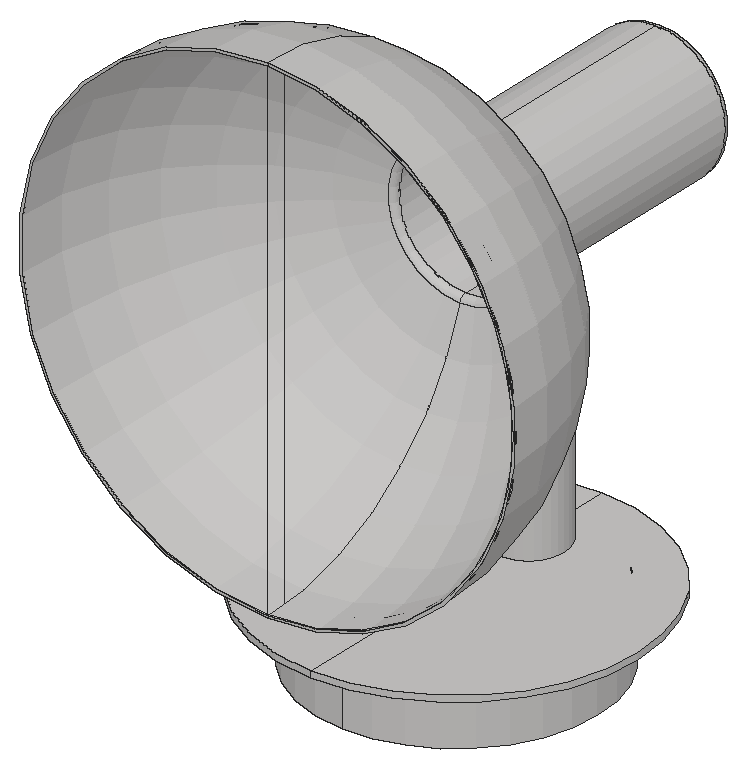
Revit family "Lighting_Outside_Nordlux_Arki", category Lighting Fixtures, host Face, Revit 2017
Family settings
  Host = Face
  Round Connector Dimension = Use Diameter
  Part Type = Normal
  OmniClass Number = 23.80.70.00
  OmniClass Title = Lighting
  Cut with Voids When Loaded = No
  Light Source = Yes
  Shared = No
  Room Calculation Point = No
Parameters (values of type "Arki - brushed steel")
  Wattage = 3.17082 W
  WarrantyStartDate [instance] = "n/a"
  WarrantyGuarantorParts = "n/a"
  WarrantyGuarantorLabor = "n/a"
  WarrantyDurationUnit = "Hours"
  WarrantyDurationParts = "n/a"
  WarrantyDurationLabor = "n/a"
  WarrantyDescription = "n/a"
  built-in parameter 1150110 = 1 (stored number, unit not read)
  VersionDate = "30/08/2019"  # constant formula
  Version = "1"  # constant formula
  UsageCurrent = 0 A
  Uniclass2015Reference = "Pr_70_70_48_85"
  Uniclass2015Description = "Surface luminaires"
  Uniclass2 = "Pr_70_70_48_85"
  URL = "https://www.nordlux.com/products/product/75181031"
  Type Comments = ""
  TotalWattage = 20 W
  built-in parameter 1114217 = 1 (stored number, unit not read)
  Tilt Angle = 90.00°
  built-in parameter 1150109 = 1 (stored number, unit not read)
  built-in parameter 1150134 = (empty or 0)
  TagNumber [instance] = "n/a"
  SustainabilityPerformance = "n/a"
  built-in parameter 1150113 = 1 (stored number, unit not read)
  Socket = "E27"
  Size = "200x260x200mm"
  Shape = "Sculptured"
  SerialNumber [instance] = "n/a"
  Revision = "n/a"
  ReplacementCost = "n/a"
  ProductInformation = "ARKI OUTDOOR is inspired by the shade of a classical architect light. It expresses simplicity and timelessness, and is therefore complementary to many different styles. Design by Bønnelycke MDD."
  Product data url = "https://www.bimobject.com/nordlux/product/arki_outdoor"
  Photometric Web File = "7518 Arki Outdoor Væg Sort.ies"
  PhaseReference = "n/a"
  PhaseAngle = 0.00°
  NumberOfSources = 0
  NumberOfPoles = 1
  built-in parameter 1150142 = "IESNA:LM-63-2002\r\n[TEST] Viso LabSpion - serial: 3247052577 sensor serial: 0408532695\r\n[TESTLAB] Viso LabSpion - serial: 3247052577 sensor serial: 0408532695 - Test lab\r\n[MANUFAC] Nordlux\r\n[ISSUEDATE] 31-05-2019\r\n[LUMINAIRE] 7518 Arki Outdoor Væg Sort\r\n[LUMCAT] B2019134\r\n[_SERIALNUMBER] VFR-190531-0334-MS\r\nTILT=NONE\r\n1 471 1 37 5 1 2 -0.2 -0.2 0.2\r\n1.0 1.0 8.30\r\n0 5 10 15 20 25 30 35 40 45 50 55 60 65 70 75 80 85 90 95 100 105 110 115 120 125 130 135 140 145 150 155 160 165 170 175 180\r\n0 90 180 270 360 \r\n134.9837 133.6482 135.0603 137.1012 138.6096 138.8996 136.3551 130.7187 122.951 113.6832 103.1874 91.6304 78.7372 65.0492 51.0247 36.3481 21.0179 8.1042 1.4494 0.3618 0.3338 0.3646 0.4373 0.4467 0.3942 0.4322 0.4174 0.4057 0.4002 0.4356\r\n 0.4099 0.3793 0.4638 0.37 0.4752 0.3874 0.3751\r\n134.9837 136.6251 138.4575 141.0294 142.7619 142.2744 138.7239 132.0254 122.1569 109.5413 94.7763 79.8837 66.5933 54.3385 42.7552 31.1897 20.1297 10.8184 4.0393 1.0276 0.5171 0.4658 0.3984 0.3338 0.353 0.3824 0.3812 0.3293 0.3468 0.4328\r\n 0.4328 0.337 0.4158 0.5034 0.4701 0.3901 0.3751\r\n134.9837 133.6482 135.0603 137.1012 138.6096 138.8996 136.3551 130.7187 122.951 113.6832 103.1874 91.6304 78.7372 65.0492 51.0247 36.3481 21.0179 8.1042 1.4494 0.3618 0.3338 0.3646 0.4373 0.4467 0.3942 0.4322 0.4174 0.4057 0.4002 0.4356\r\n 0.4099 0.3793 0.4638 0.37 0.4752 0.3874 0.3751\r\n134.9837 136.6251 138.4575 141.0294 142.7619 142.2744 138.7239 132.0254 122.1569 109.5413 94.7763 79.8837 66.5933 54.3385 42.7552 31.1897 20.1297 10.8184 4.0393 1.0276 0.5171 0.4658 0.3984 0.3338 0.353 0.3824 0.3812 0.3293 0.3468 0.4328\r\n 0.4328 0.337 0.4158 0.5034 0.4701 0.3901 0.3751\r\n134.9837 133.6482 135.0603 137.1012 138.6096 138.8996 136.3551 130.7187 122.951 113.6832 103.1874 91.6304 78.7372 65.0492 51.0247 36.3481 21.0179 8.1042 1.4494 0.3618 0.3338 0.3646 0.4373 0.4467 0.3942 0.4322 0.4174 0.4057 0.4002 0.4356\r\n 0.4099 0.3793 0.4638 0.37 0.4752 0.3874 0.3751\r\n"
  NominalWidth = 203.8 mm
  NominalVoltageCalc = 0 V
  NominalVoltage = 230 V
  NominalRadius = NominalDiameter / 2  # 100 mm
  NominalLength = 202 mm
  NominalHeight = 261.6 mm
  NominalFrequencyRange = 50 Hz
  NominalDiameter = 200 mm
  NominalCurrent = 0 A
  Name = "Nordlux_Arki"
  NBSReference = "90-60-50/405"
  NBSDescription = "General purpose luminaires"
  ModelReference = ArticleNumber  # "75181031"
  ModelNumber = "n/a"
  Model = "Arki - brushed steel"
  Material = "Metal"
  ManufacturersSpecificInformation = "n/a"
  ManufacturerURL = "https://www.nordlux.com/"
  ManufacturerName = "Nordlux"
  Manufacturer = "Nordlux"
  MaintenanceFactor = 0
  built-in parameter 1150105 = 142.76 (stored number, unit not read)
  Lumens = 471 lm
  built-in parameter 1150115 = 1 (stored number, unit not read)
  LightSource = "Not included"
  LightFixturePlacingType = "Wall"
  LightFixtureMountingType = "Surface"
  LightFixtureMainMaterial = Brushed steel
  built-in parameter 1150137 = (empty or 0)
  built-in parameter 1150139 = (empty or 0)
  LensMaterial = Opal white
  built-in parameter 1150112 = 1 (stored number, unit not read)
  built-in parameter 1150114 = 1 (stored number, unit not read)
  InsulationStandardClass = "Class 1 (Earth contact)"
  InstallationDate [instance] = "n/a"
  built-in parameter 1150132 = 2
  built-in parameter 1150102 = (empty or 0)
  built-in parameter 1150107 = 3000 (stored number, unit not read)
  built-in parameter 1150138 = (empty or 0)
  built-in parameter 1150106 = 1.4276 (stored number, unit not read)
  IfcExportType = "NOTDEFINED"  # constant formula
  IfcExportAs = "IfcLightFixtureType"  # constant formula
  IP_Code = "IP54"
  HasProtectiveEarth = no
  Grade = "n/a"
  Finish = "Galvanized steel, plastic"
  Features = "Parallel connection possible"
  ExpectedLife = "n/a"
  EnergyClass = "A++ - B"
  Emit from Circle Diameter = 50 mm
  Emit Shape Visible in Rendering = no
  ElectricalDeviceNominalPower = 0
  built-in parameter 1150104 = 13.8 (stored number, unit not read)
  EANNumber = "5701581280274"
  DurationUnit = "Hours"
  Dimming Lamp Color Temperature Shift = <None>
  Designer = "Bonnelycke MDD"
  Description = "ARKI OUTDOOR is inspired by the shade of a classical architect light. It expresses simplicity and timelessness, and is therefore complementary to many different styles. Design by Bønnelycke MDD."
  Default Elevation = 0 mm
  ConvergoRefNr = "0143-1909-0042-DK"
  Constituents = "n/a"
  Color Filter = 16777215
  Color = "Grey"
  Collection = "Arki"
  CodePerformance = "n/a"
  Category = "Outdoor lighting"
  Brand = "Nordlux"
  Barcode [instance] = "n/a"
  built-in parameter 1114218 = 1 (stored number, unit not read)
  BIMObjectName = "Lighting_Outside_Nordlux_Arki"
  Author = "Convergo AB"  # constant formula
  built-in parameter 1150133 = 10 (stored number, unit not read)
  AssetType = "Fixed"
  AssetIdentifier [instance] = "n/a"
  ArticleNumber = "75181031"
  AccessibilityPerformance = "n/a"
Types (3, lengths in mm): name | URL | ModelReference | Model | LightFixtureMainMaterial | EANNumber | Color | ArticleNumber
  (no name) | "https://www.nordlux.com/products/product/75181031" | "75181031" | "Arki - brushed steel" | Brushed steel | "5701581280274" | "Grey" | "75181031"
  Arki - black | "https://www.nordlux.com/products/product/75181003" | "75181003" | "Arki - black" | Black | "5701581280175" | "Black" | "75181003"
  Arki - brushed steel | "https://www.nordlux.com/products/product/75181031" | "75181031" | "Arki - brushed steel" | Brushed steel | "5701581280274" | "Grey" | "75181031"
Reference planes
  plane 1 "Center (Front/Back)": y = 0
  plane 2: z = 0
  plane 3 "Center (Left/Right)": x = 0
  plane 4: y = 101
  plane 5: y = -101
  plane 6: z = 261.6
  plane 7: x = 101.9
  plane 8: x = -101.9
Dimensions and locks
  equal spacing: plane 8, plane 3 "Center (Left/Right)", plane 7
  equal spacing: plane 4, plane 1 "Center (Front/Back)", plane 5
  "NominalLength": plane 4 to plane 5
  "NominalWidth": plane 8 to plane 7
  "NominalHeight": plane 6 to level
  aligned and locked: plane 2 to host face
  aligned and locked: level to host face
Automatic sketch dimensions
  host sketch curve to host sketch curve = 2438.4 mm  (x2)
Nested families
  nested 1: "Arki" at (0, 0, 0), Main <- "LightFixtureMainMaterial", type "Arki"
    with Main Brushed steel
Definition of nested family "Arki"
  Parameters (values of type "Arki")
    Main [instance] = none
    Default Elevation = 1219.2 mm
  Reference planes
    plane 1 "Center (Front/Back)": y = 0
    plane 2: z = 0
    plane 3 "Center (Left/Right)": x = 0
    plane 4: z = 261.6
    plane 5: x = -101.875
    plane 6: y = 101
    plane 7: x = 101.875
    plane 8: y = -101
  Forms (mm)
    Extrusion 1, solid
      sketch origin (0, 0, 0) x (1, 0, 0) y (0, 1, 0)
        loop
          line (-1219.2, 1219.2) -> (-1219.2, -1219.2) -> (1219.2, -1219.2) -> (1219.2, 1219.2) -> (-1219.2, 1219.2)
      from 0 to -304.8
    Revolve 2, solid, material <- "Main", detail levels medium+fine
      sketch origin (0, -101, 130.8) x (0, 0, -1) y (0, 1, 0)
        loop
          line (130.8, 96.8) -> (130.8, 154.8) -> (106.562, 154.8)
          arc (106.562, 154.8) -> (105.204, 154.255) -> (104.6, 152.923) r 1.964
          line (104.6, 152.923) -> (104.6, 171.3) -> (102.1, 171.3) -> (102.1, 96.8) -> (130.8, 96.8)
        axis (130.8, 96.8) -> (102.1, 96.8)
      angle from 0 to 360
    Revolve 3, solid, material <- "Main", detail levels medium+fine
      sketch origin (0, -101, 130.8) x (0, 0, -1) y (0, 1, 0)
        loop
          line (102.1, 133.565) -> (102.1, 148.565) -> (-14.017, 148.565) -> (-14.017, 133.565) -> (102.1, 133.565)
        axis (102.1, 133.565) -> (-14.017, 133.565)
      angle from 0 to 360
    Revolve 4, solid, material <- "Main", detail levels medium+fine
      sketch origin (0, -101, 130.8) x (0, 0, -1) y (0, 1, 0)
        loop
          arc (-58.532, 99.588) -> (-111.311, 61.884) -> (-130.8, 0.018) r 102.282
          line (-130.8, 0.018) -> (-129.8, 0.018)
          arc (-129.8, 0.018) -> (-110.507, 61.29) -> (-58.238, 98.632) r 101.282
          arc (-58.238, 98.632) -> (-56.718, 99.708) -> (-56.135, 101.477) r 2.976
          line (-56.135, 101.477) -> (-56.135, 199.021)
          arc (-56.135, 199.021) -> (-55.556, 200.42) -> (-54.156, 201) r 1.979
          line (-54.156, 201) -> (-28.891, 201) -> (-28.891, 202) -> (-54.156, 202)
          arc (-54.156, 202) -> (-56.263, 201.127) -> (-57.135, 199.021) r 2.979
          line (-57.135, 199.021) -> (-57.135, 101.477)
          arc (-57.135, 101.477) -> (-57.522, 100.303) -> (-58.532, 99.588) r 1.976
        axis (-28.891, 202) -> (-28.891, 0.018)
      angle from 0 to 360
    Revolve 5, void
      sketch origin (0, -101, 130.8) x (0, 0, -1) y (0, 1, 0)
        loop
          line (-1.598, 155.181) -> (-28.891, 155.181) -> (-28.891, 107.824) -> (-1.598, 107.824) -> (-1.598, 155.181)
        axis (-28.891, 155.181) -> (-28.891, 107.824)
      angle from 0 to 360
    Revolve 6, solid, detail levels medium+fine
      sketch origin (0, -101, 130.8) x (0, 0, -1) y (0, 1, 0)
        loop
          arc (71.966, 0) -> (71.972, 4.502) -> (71.777, 9) r 100.432
          line (71.777, 9) -> (-28.917, 9) -> (-28.917, 0) -> (71.966, 0)
        axis (-28.917, 9) -> (-28.917, 0)
      angle from 0 to 360
    Extrusion 7, solid, material <- "Main", detail levels coarse
      sketch origin (0, 0, 0) x (1, 0, 0) y (0, 0, 1)
        loop
          line (101.875, 261.6) -> (-101.875, 261.6) -> (-101.875, 0) -> (101.875, 0) -> (101.875, 261.6)
      from -101 to 100.982
  Cuts and joins
    Revolve 5 cuts Revolve 3
  Lines and regions (mm)
    symbolic lines, detail levels medium+fine
      curve 1: line (0, -62.2, 0) -> (0, 53.8, 0)
      curve 2: line (0, -78.7, 26.2) -> (0, -60.323, 26.2)
      curve 3: line (0, -78.7, 28.7) -> (0, 17.565, 28.7)
      curve 4: line (0, 101, 184.956) -> (0, 101, 134.427)
      curve 5: line (0, 53.8, 0) -> (0, 53.8, 24.238)
      curve 6: arc (0, 53.8, 24.238) -> (0, 53.255, 25.596) -> (0, 51.923, 26.2) r 1.964
      curve 7: line (0, -62.2, 0) -> (0, -62.2, 24.238)
      curve 8: arc (0, -62.2, 24.238) -> (0, -61.655, 25.596) -> (0, -60.323, 26.2) r 1.964
      curve 9: line (0, -78.7, 26.2) -> (0, -78.7, 28.7)
      curve 10: line (0, 70.3, 26.2) -> (0, 70.3, 28.7)
      curve 11: line (0, 47.565, 28.7) -> (0, 47.565, 131.398)
      curve 12: line (0, 17.565, 28.7) -> (0, 17.565, 131.398)
      curve 13: line (0, 98.021, 187.935) -> (0, 0.477, 187.935)
      curve 14: line (0, 97.972, 131.398) -> (0, 47.565, 131.398)
      curve 15: arc (0, 98.021, 187.935) -> (0, 100.127, 187.063) -> (0, 101, 184.956) r 2.979
      curve 16: arc (0, 101, 134.427) -> (0, 100.113, 132.285) -> (0, 97.972, 131.398) r 3.028
      curve 18: line (0, 17.565, 131.398) -> (0, 0.423, 131.398)
      curve 19: arc (0, -1.412, 189.332) -> (0, -39.123, 242.116) -> (0, -101, 261.6) r 102.282
      curve 20: arc (0, 0.477, 187.935) -> (0, -0.697, 188.322) -> (0, -1.412, 189.332) r 1.976
      curve 21: arc (0, -101, 57.833) -> (0, -39.075, 77.116) -> (0, -1.492, 129.975) r 101.432
      curve 22: arc (0, -1.492, 129.975) -> (0, -0.77, 131.003) -> (0, 0.423, 131.398) r 2
      curve 23: line (0, 51.923, 26.2) -> (0, 70.3, 26.2)
      curve 24: line (0, 47.565, 28.7) -> (0, 70.3, 28.7)
      curve 27: line (-101.909, -100.982, 0) -> (0, -100.982, 0)
      curve 28: arc (-101.909, -100.982, 0) -> (-94.424, -60.238, 0) -> (-71.274, -25.885, 0) r 101.435
      curve 30: line (-25.294, 101, 0) -> (0, 101, 0)
      curve 31: arc (-28.264, 98.03, 0) -> (-27.394, 100.13, 0) -> (-25.294, 101, 0) r 2.97
      curve 33: arc (-28.264, 64.731, 0) -> (-67.303, 27.746, 0) -> (-71.274, -25.885, 0) r 74.5
      curve 34: line (-28.264, 64.731, 0) -> (-28.264, 98.03, 0)
      curve 36: line (101.909, -100.982, 0) -> (0, -100.982, 0)
      curve 37: arc (101.909, -100.982, 0) -> (94.424, -60.238, 0) -> (71.274, -25.885, 0) r 101.435
      curve 39: line (25.294, 101, 0) -> (0, 101, 0)
      curve 40: arc (28.264, 98.03, 0) -> (27.394, 100.13, 0) -> (25.294, 101, 0) r 2.97
      curve 42: arc (28.264, 64.731, 0) -> (67.303, 27.746, 0) -> (71.274, -25.885, 0) r 74.5
      curve 43: line (28.264, 64.731, 0) -> (28.264, 98.03, 0)
      curve 47: line (0, 0, 0) -> (-58, 0, 0)
      curve 48: line (-58, 0, 0) -> (-58, 0, 24.301)
      curve 49: arc (-58, 0, 24.301) -> (-57.413, 0, 25.675) -> (-56.014, 0, 26.2) r 1.901
      curve 50: line (-15, 0, 28.7) -> (-15, 0, 58.893)
      curve 51: arc (0, 0, 261.6) -> (-101.631, 0, 167.212) -> (-15, 0, 58.893) r 101.909
      curve 54: line (-74.5, 0, 26.2) -> (-74.5, 0, 28.7)
      curve 55: line (-56.014, 0, 26.2) -> (-74.5, 0, 26.2)
      curve 56: line (-15, 0, 28.7) -> (-74.5, 0, 28.7)
      curve 60: line (0, 0, 0) -> (58, 0, 0)
      curve 61: line (58, 0, 0) -> (58, 0, 24.301)
      curve 62: arc (58, 0, 24.301) -> (57.413, 0, 25.675) -> (56.014, 0, 26.2) r 1.901
      curve 63: line (15, 0, 28.7) -> (15, 0, 58.893)
      curve 64: arc (0, 0, 261.6) -> (101.631, 0, 167.212) -> (15, 0, 58.893) r 101.909
      curve 66: line (74.5, 0, 26.2) -> (74.5, 0, 28.7)
      curve 67: line (56.014, 0, 26.2) -> (74.5, 0, 26.2)
      curve 68: line (15, 0, 28.7) -> (74.5, 0, 28.7)
      curve 70: line (0, -101, 261.6) -> (0, -101, 57.833)
    symbolic lines, detail levels fine
      curve 17: arc (0, 47.565, 131.398) -> (0, 32.565, 135.636) -> (0, 17.565, 131.398) r 28.663
      curve 25: line (0, 17.565, 28.7) -> (0, 47.565, 28.7)
      curve 26: line (0, -60.323, 26.2) -> (0, 51.923, 26.2)
      curve 29: line (-28.264, 0.541, 0) -> (-28.264, 64.731, 0)
      curve 32: arc (-29.718, -1.415, 0) -> (-28.667, -0.677, 0) -> (-28.264, 0.541, 0) r 2.042
      curve 35: arc (-71.274, -25.885, 0) -> (-51.971, -11.144, 0) -> (-29.718, -1.415, 0) r 101.435
      curve 38: line (28.264, 0.541, 0) -> (28.264, 64.731, 0)
      curve 41: arc (29.718, -1.415, 0) -> (28.667, -0.677, 0) -> (28.264, 0.541, 0) r 2.042
      curve 44: arc (71.274, -25.885, 0) -> (51.971, -11.144, 0) -> (29.718, -1.415, 0) r 101.435
      curve 45: line (0, 0, 28.7) -> (-15, 0, 28.7)
      curve 46: line (0, 0, 26.2) -> (-56.014, 0, 26.2)
      curve 52: arc (0, 0, 260.6) -> (-100.883, 0, 159.717) -> (0, 0, 58.834) r 100.883
      curve 53: circle (0, 0, 159.717) r 30 normal (0, -1, 0)
      curve 57: arc (-15, 0, 58.893) -> (-7.521, 0, 58.06) -> (0, 0, 57.783) r 101.909
      curve 58: line (0, 0, 28.7) -> (15, 0, 28.7)
      curve 59: line (0, 0, 26.2) -> (56.014, 0, 26.2)
      curve 65: arc (0, 0, 260.6) -> (100.883, 0, 159.717) -> (0, 0, 58.834) r 100.883
      curve 69: arc (15, 0, 58.893) -> (7.521, 0, 58.06) -> (0, 0, 57.783) r 101.909
  Dimensions and locks
    aligned and locked: plane 2 to Extrusion 1
    aligned and locked: level to Extrusion 1
